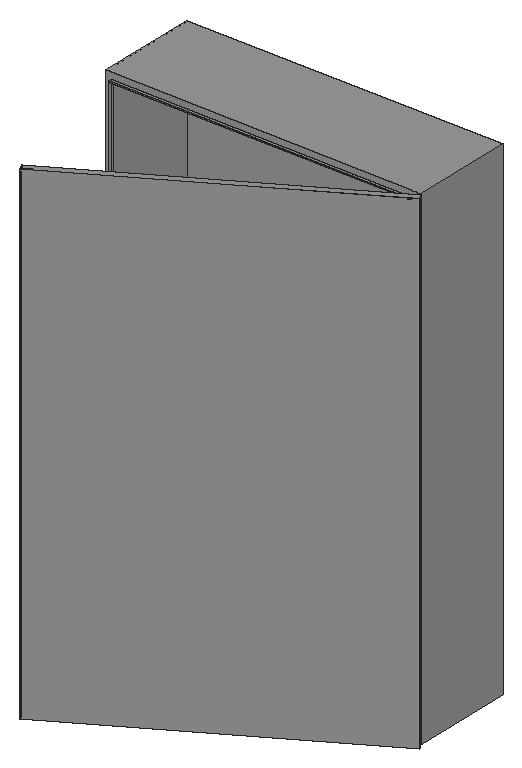
Revit family "Hager-Univers-IP55-D275-H1250-Cl.I-Steel_encl-NoHosted-PT-pt", category Electrical Equipment, Revit 2020
Family settings
  Panel Configuration = Two Columns, Circuits Across
  Round Connector Dimension = Use Diameter
  Part Type = Panelboard
  Work Plane-Based = Yes
  Always vertical = Yes
  Cut with Voids When Loaded = No
  Shared = No
  Room Calculation Point = No
Parameters (values of type "Montagem em superfície (gesso) IP55 L800 A1250 P275  - FR83E")
  Width Control [instance] = if([EF000008 - Largura] > Min Width, [EF000008 - Largura], Min Width)  # 800 mm
  Type Comments = [HG000003 - Gama]  # "Univers"
  Thickness Door [instance] = if([EF009171 - Espessura do material da porta/tampa] > 3 mm, 3 mm, [EF009171 - Espessura do material da porta/tampa])  # 1.5 mm
  Seal Frame Offset [instance] = 17 mm  # constant formula
  Plinth Visibility [instance] = [HG000027 - Altura da Plinta] > 0 mm  # no
  Min Width [instance] = 100 mm  # constant formula
  Min Depth [instance] = (2 * [EF009170 - Espessura do material do invólucro]) + 1 mm  # 4 mm
  Min Height [instance] = 100 mm  # constant formula
  Internal Frame Depth [instance] = (Door System Depth * 0.5)  # 9 mm
  Panel Name [instance] = ""  # (empty or 0)
  Model = ""
  HG000027 - Altura da Plinta = 0 mm
  HG000026 - Instalação no chão = no
  HG000024 - Altura da secção inferior = 600 mm
  HG000023 - Recinto de secção dupla = no
  HG000016 - Visibilidade da porta 3D [instance] = yes
  HG000015 - Visibilidade através da porta [instance] = no
  HG000014 - Porta à direita [instance] = yes
  HG000013 - Porta à esquerda [instance] = not([HG000014 - Porta à direita])  # no
  HG000012 - Ângulo de abertura de porta [instance] = 30.00°
  HG000010 - Portas assimétricas = no
  HG000009 - Porta dupla = no
  HG000006 - Encastrado = no
  HG000004 - Referência do Fabricante = "FR83E"
  HG000003 - Gama = "Univers"
  HG000002 - Com porta ou tampa = yes
  Frame Offset Bottom [instance] = 10 mm  # constant formula
  Frame Offset [instance] = 15 mm  # constant formula
  EF015940 - Tampa com libertação de sobrepressão = no
  EF011959 - Grau de proteção (NEMA) = ""
  EF009554 - Número de aberturas para placas de flange = 6
  EF009212 - Tipo de tampa = "EV000116 - Fechado"
  EF009171 - Espessura do material da porta/tampa = 1.5 mm
  EF009170 - Espessura do material do invólucro = 1.5 mm
  EF008873 - Corrente nominal (In) = 800 A
  EF007800 - Adequado para proteção contra raios = no
  EF006306 - Com fecho = no
  EF006244 - Tampa/porta transparente = no
  EF005474 - Grau de proteção (IP) = "EV006420 - IP55"
  EF004464 - Tipo de porta = "EV002646 - Único"
  EF004427 - Número de módulos = 288
  EF004293 - Força de impacto = "EV008784 - IK10"
  EF003532 - Adequado para uso no exterior = no
  EF002950 - Largura em número de módulos = 24
  EF001613 - Integridade do circuito = "EV000494 - Nenhum"
  EF001596 - Material do corpo = "EV000179 - Aço"
  EF001131 - Profundidade interior = 275 mm
  EF001088 - Extensão possível = yes
  EF000437 - Número de entradas de condutores = 6
  EF000339 - Tipo de difusor = "EV004216 - Porta"
  EF000266 - Número de linhas = 8
  EF000218 - Profundidade incorporada = 0 mm
  EF000118 - Com tampa de montagem = no
  EF000116 - Número RAL = "7035"
  EF000049 - Profundidade = 275 mm
  EF000040 - Altura = 1250 mm
  EF000008 - Largura = 800 mm
  EF000007 - Cor = "EV000270 - Cinzento"
  EF000003 - Método de montagem = "EV000384 - Montagem em superfície (gesso)"
  Door System Leaf Tolerance [instance] = 1.5 mm  # constant formula
  Door System Depth [instance] = 18 mm  # constant formula
  Door Height [instance] = Height Control - [HG000027 - Altura da Plinta]  # 1250 mm
  Description = ""
  Default Elevation = 1219.2 mm
  Connector Offset [instance] = Height Control / 2  # 625 mm
  Manufacturer = "Hager"  # constant formula
  Height Control [instance] = if([EF000040 - Altura] > Min Height, [EF000040 - Altura], Min Height)  # 1250 mm
  Depth Control [instance] = if([EF000049 - Profundidade] > Min Depth, [EF000049 - Profundidade], Min Depth)  # 275 mm
  Bottom Top Plate Trim [instance] = 1.5 mm  # constant formula
  Plinth height Ctrl [instance] = if([HG000027 - Altura da Plinta] > 0 mm, [HG000027 - Altura da Plinta], 12 mm)  # 12 mm
Types (3, lengths in mm): name | Width Control | HG000009 - Porta dupla | HG000004 - Referência do Fabricante | EF009554 - Número de aberturas para placas de flange | EF004464 - Tipo de porta | EF004427 - Número de módulos | EF000437 - Número de entradas de condutores | EF000008 - Largura
  Montagem em superfície (gesso) IP55 L1050 A1250 P275  - FR84E | 1050 | yes | "FR84E" | 8 | "EV003602 - Duplo" | 384 | 8 | 1050
  Montagem em superfície (gesso) IP55 L550 A1250 P275  - FR82E | 550 | no | "FR82E" | 4 | "EV002646 - Único" | 192 | 4 | 550
  Montagem em superfície (gesso) IP55 L800 A1250 P275  - FR83E | 800 | no | "FR83E" | 6 | "EV002646 - Único" | 288 | 6 | 800
Reference planes
  plane 1 "Center (Front/Back)": y = 0
  plane 2: z = 0
  plane 3 "Center (Left/Right)": x = 0
  plane 4: y = 0
  plane 5: y = 0
  plane 6: z = 0
  plane 7: x = -400
  plane 8: x = 400
  plane 9: x = 398.5
  plane 10: x = -398.5
  plane 11: z = 0
  plane 12: z = 1.5
  plane 13: y = -275
  plane 14: y = -1.5
  plane 15: x = 0
  plane 16: y = -257
  plane 17: y = -273.5
  plane 18: y = -255.5
  plane 19: x = -383.5
  plane 20: x = 383.5
  plane 21: z = 11.5
  plane 22: x = -383
  plane 23: x = 383
  plane 24: z = 0
  plane 25: z = 1250
  plane 26: z = 1250
  plane 27: z = 1233.5
  plane 28: z = 1248.5
Forms (mm)
  Extrusion 1, solid, material "Hager_Steel_RAL7035_Light_Grey", detail levels medium+fine
    sketch origin (-208.679, -4572, 0) x (-1, 0, 0) y (0, -1, 0)
      loop
        line (191.321, -4315) -> (-608.679, -4315) -> (-608.679, -4572) -> (191.321, -4572) -> (191.321, -4315)
    from 0 to 1250
  Extrusion 2, void
    sketch origin (-350.771, -275, 1219.2) x (1, 0, 0) y (0, 0, 1)
      loop
        line (-47.729, 29.3) -> (-47.729, -1217.7) -> (749.271, -1217.7) -> (749.271, 29.3) -> (-47.729, 29.3)
    from -19.5 to -273.5
  Extrusion 3, void
    sketch origin (-290.084, -257, 1219.2) x (1, 0, 0) y (0, 0, 1)
      loop
        line (-93.416, -1207.7) -> (673.584, -1207.7) -> (673.584, 14.3) -> (-93.416, 14.3) -> (-93.416, -1207.7)
    from 0 to -1.5
  Extrusion 4, solid, material "Hager_Steel_RAL7035_Light_Grey", visible <- "Plinth Visibility", detail levels medium+fine
    sketch origin (0, 0, 0) x (1, 0, 0) y (0, 1, 0)
      loop
        line (-400, 0) -> (-400, -257) -> (400, -257) -> (400, 0) -> (-400, 0)
    from 0 to 12 <- "Plinth height Ctrl"
  Extrusion 5, solid, material "Hager_Steel_RAL7035_Light_Grey", detail levels coarse
    sketch origin (0, 0, 0) x (1, 0, 0) y (0, 1, 0)
      loop
        line (-400, 0) -> (-400, -275) -> (400, -275) -> (400, 0) -> (-400, 0)
    from 0 to 1250 <- "Height Control"
  Sweep 6, void
    path in 3D
      loop
        line (-400, -257, 12) -> (400, -257, 12) -> (400, 0, 12) -> (-400, 0, 12) -> (-400, -257, 12)
    profile origin (-400, -128.5, 12) x (1, 0, 0) y (0, 0, 1)
      loop
        line (0, 0) -> (0, -1.5) -> (1.5, -1.5)
        arc (1.5, -1.5) -> (1.061, -0.439) -> (0, 0) r 1.5
  Extrusion 7, solid, material "Hager_Steel_RAL7035_Light_Grey", detail levels fine
    sketch origin (-400, -257, 0) x (1, 0, 0) y (0, 0, 1)
      loop
        line (16.5, 11.5) -> (783.5, 11.5) -> (783.5, 1233.5) -> (16.5, 1233.5) -> (16.5, 11.5)
      loop
        line (15, 10) -> (785, 10) -> (785, 1235) -> (15, 1235) -> (15, 10)
    from 0 to 9 <- "Internal Frame Depth"
Cuts and joins
  Extrusion 2, Extrusion 3 cuts Extrusion 1
  Sweep 6 cuts Extrusion 4
Lines and regions (mm)
  Masking region 1
    outline origin (0, 0, 0) x (1, 0, 0) y (0, 1, 0)
      loop
        line (-400, 0) -> (-400, -275) -> (400, -275) -> (400, 0) -> (-400, 0)
  Masking region 2, detail levels coarse
    outline origin (-290.084, -257, 1219.2) x (-1, 0, 0) y (0, 0, 1)
      loop
        line (-690.084, -1219.2) -> (109.916, -1219.2) -> (109.916, 30.8) -> (-690.084, 30.8) -> (-690.084, -1219.2)
  Masking region 3, detail levels coarse
    outline origin (0, 0, 0) x (0, 1, 0) y (0, 0, 1)
      loop
        line (0, 0) -> (0, 1250) -> (-275, 1250) -> (-275, 0) -> (0, 0)
  Masking region 4, visible <- "Plinth Visibility", detail levels medium+fine
    outline origin (0, 0, 0) x (0, 1, 0) y (0, 0, 1)
      loop
        line (-1.5, 12) -> (-255.5, 12)
        arc (-255.5, 12) -> (-255.939, 10.939) -> (-257, 10.5) r 1.5
        line (-257, 10.5) -> (-257, 0) -> (0, 0) -> (0, 10.5)
        arc (0, 10.5) -> (-1.061, 10.939) -> (-1.5, 12) r 1.5
  Masking region 5, detail levels medium+fine
    outline origin (0, 0, 594.038) x (0, 1, 0) y (0, 0, 1)
      loop
        line (0, -594.038) -> (0, 655.962) -> (-257, 655.962) -> (-257, -594.038) -> (0, -594.038)
  Masking region 6, detail levels medium+fine
    outline origin (-359.7, -257, 1211.883) x (-1, 0, 0) y (0, 0, 1)
      loop
        line (-759.7, -1211.883) -> (40.3, -1211.883) -> (40.3, 38.117) -> (-759.7, 38.117) -> (-759.7, -1211.883)
  Masking region 7, visible <- "Plinth Visibility", detail levels medium+fine
    outline origin (-320.334, -257, 1041.368) x (-1, 0, 0) y (0, 0, 1)
      loop
        line (-720.334, -1041.368) -> (79.666, -1041.368) -> (79.666, -1030.868)
        arc (79.666, -1030.868) -> (78.606, -1030.429) -> (78.166, -1029.368) r 1.5
        line (78.166, -1029.368) -> (-718.834, -1029.368)
        arc (-718.834, -1029.368) -> (-719.273, -1030.429) -> (-720.334, -1030.868) r 1.5
        line (-720.334, -1030.868) -> (-720.334, -1041.368)
  sketch lines
    curve 1: line (-400, 0, 12) -> (-400, -257, 12)
    curve 2: line (-400, -257, 12) -> (400, -257, 12)
    curve 3: line (400, 0, 12) -> (-400, 0, 12)
    curve 4: line (400, -257, 12) -> (400, 0, 12)
Dimensions and locks
  locked: plane 1 "Center (Front/Back)" to plane 5
  "EF009170 - Espessura do material do invólucro": plane 7 to plane 10
  "EF009170 - Espessura do material do invólucro": plane 8 to plane 9
  equal spacing: plane 7, plane 3 "Center (Left/Right)", plane 8
  "Width Control": plane 7 to plane 8
  "Depth Control": plane 4 to plane 13
  "EF009170 - Espessura do material do invólucro": plane 4 to plane 14
  "Height Control": plane 25 to level
  "HG000027 - Altura da Plinta": plane 11 to level
  "EF009170 - Espessura do material do invólucro": plane 12 to plane 11
  "EF009170 - Espessura do material do invólucro": plane 17 to plane 13
  "EF009170 - Espessura do material do invólucro": plane 18 to plane 16
  "Frame Offset Bottom": plane 21 to plane 12
  "Frame Offset": plane 10 to plane 19
  "Frame Offset": plane 9 to plane 20
  "Door System Depth": plane 16 to plane 13
  "Seal Frame Offset": plane 7 to plane 22
  "Seal Frame Offset": plane 8 to plane 23
  "EF009170 - Espessura do material do invólucro": plane 26 to plane 28
  "Frame Offset": plane 28 to plane 27
  "Connector Offset": plane 2 to connector elem
  "Bottom Top Plate Trim": profile plane to Sweep 6 sketch curve
  "Bottom Top Plate Trim": Sweep 6 sketch curve to Sweep 6 sketch curve
  "Plinth height Ctrl": Masking region 4 sketch curve to level
  "Plinth height Ctrl": Masking region 7 sketch curve to level
  "Thickness Door": Extrusion 7 sketch curve to Extrusion 7 sketch curve  (x4)
  "Bottom Top Plate Trim": radius of Sweep 6 sketch curve
  "Bottom Top Plate Trim": radius of Masking region 4 sketch curve  (x2)
  "Bottom Top Plate Trim": radius of Masking region 7 sketch curve  (x2)
  aligned and locked: Extrusion 2 sketch curve to plane 12
  aligned and locked: Extrusion 2 sketch curve to plane 9
  aligned and locked: Extrusion 2 sketch curve to plane 10
  aligned and locked: Extrusion 2 to plane 14
  aligned and locked: Extrusion 1 sketch curve to plane 4
  aligned and locked: plane 8 to Extrusion 1 sketch curve
  aligned and locked: plane 7 to Extrusion 1 sketch curve
  aligned and locked: Extrusion 2 to plane 18
  aligned and locked: Extrusion 3 sketch curve to plane 19
  aligned and locked: plane 20 to Extrusion 3 sketch curve
  aligned and locked: Extrusion 3 to Extrusion 2
  aligned and locked: Extrusion 3 sketch curve to plane 21
  aligned and locked: plane 3 "Center (Left/Right)" to nested 1
  aligned and locked: Extrusion 1 sketch curve to plane 16
  aligned and locked: Extrusion 4 sketch curve to cut or joined group of Extrusion 1, Extrusion 2, Extrusion 3
  aligned and locked: Masking region 1 sketch curve to plane 7
  aligned and locked: Masking region 1 sketch curve to plane 5
  aligned and locked: Masking region 1 sketch curve to plane 8
  aligned and locked: Masking region 2 sketch curve to level
  aligned and locked: level to Masking region 3 sketch curve
  aligned and locked: plane 1 "Center (Front/Back)" to Masking region 3 sketch curve
  aligned and locked: plane 13 to Masking region 3 sketch curve
  aligned and locked: plane 5 to Masking region 4 sketch curve
  aligned and locked: Masking region 2 sketch curve to plane 8
  aligned and locked: Masking region 2 sketch curve to plane 7
  aligned and locked: plane 7 to nested 2
  aligned and locked: nested 2 to plane 5
  aligned and locked: plane 5 to Masking region 5 sketch curve
  aligned and locked: plane 26 to Masking region 5 sketch curve
  aligned and locked: Extrusion 5 sketch curve to plane 8
  aligned and locked: Extrusion 5 sketch curve to plane 7
  aligned and locked: Extrusion 5 sketch curve to plane 5
  aligned and locked: Extrusion 3 sketch curve to plane 27
  aligned and locked: Extrusion 2 sketch curve to plane 28
  aligned and locked: Masking region 2 to plane 25
  aligned and locked: Extrusion 4 to plane 16
  aligned and locked: profile plane to Sweep 6 sketch curve
  aligned and locked: Masking region 5 sketch curve to plane 24
  aligned and locked: level to Masking region 4 sketch curve
  aligned and locked: Masking region 1 to plane 13
  aligned and locked: nested 1 to plane 16
  aligned and locked: Masking region 3 to plane 25
  aligned and locked: plane 16 to Masking region 4 sketch curve
  aligned and locked: Masking region 5 sketch curve to plane 16
  aligned and locked: plane 24 to plane 11
  aligned and locked: plane 26 to plane 25
  aligned and locked: plane 26 to cut or joined group of Extrusion 1, Extrusion 2, Extrusion 3
  aligned and locked: nested 1 to plane 24
  aligned and locked: Extrusion 1 to Extrusion 3
  aligned and locked: Masking region 6 sketch curve to plane 8
  aligned and locked: Masking region 6 sketch curve to plane 24
  aligned and locked: Masking region 6 sketch curve to plane 7
  aligned and locked: Masking region 6 sketch curve to plane 26
  aligned and locked: Masking region 7 sketch curve to plane 7
  aligned and locked: level to Masking region 7 sketch curve
  aligned and locked: Masking region 7 sketch curve to plane 8
  aligned and locked: Extrusion 7 sketch curve to cut or joined group of Extrusion 1, Extrusion 2, Extrusion 3  (x4)
Automatic sketch dimensions
  plane 19 to Extrusion 3 sketch curve = 0 mm
  Extrusion 3 sketch curve to plane 20 = 0 mm
  Extrusion 3 sketch curve to plane 21 = 0 mm
  Extrusion 4 sketch curve to plane 7 = 0 mm
  Extrusion 4 sketch curve to plane 8 = 0 mm
  Extrusion 4 sketch curve to plane 16 = 0 mm
  Masking region 1 sketch curve to plane 13 = 0 mm
  Masking region 2 sketch curve to plane 25 = 0 mm
  Masking region 3 sketch curve to plane 25 = 0 mm
  Extrusion 5 sketch curve to plane 13 = 0 mm
  profile plane to Sweep 6 sketch curve = 0 mm
Nested families
  nested 1: "EC000058_Univers_Door" at (0, -257, 0), Double <- "HG000009 - Porta dupla", Transparent <- "EF006244 - Tampa/porta transparente", Angle <- "HG000012 - Ângulo de abertura de porta", Door_Right <- "HG000014 - Porta à direita", Assymetrical <- "HG000010 - Portas assimétricas", Door <- "HG000002 - Com porta ou tampa", Width_Ctrl <- "Width Control", 3d_Door <- "HG000016 - Visibilidade da porta 3D", Clearance <- "HG000015 - Visibilidade através da porta", Door_Left <- "HG000013 - Porta à esquerda", Width <- "Width Control", Door_Depth <- "Door System Depth", Leaf_Tolerance <- "Door System Leaf Tolerance", Height <- "Door Height", Lock_Visibility <- "EF006306 - Com fecho", Thickness <- "Thickness Door", type "EC000058_Univers_Door", detail levels medium+fine
    with min_wh 4 mm, Width_Ctrl 800 mm, Width 800 mm, Transparent no, Thickness 1.5 mm, Seal_Material Hager_Rubber, Lock_Visibility no, Lock_Material Hager_Plastic_RAL9005_Jet_Black, Leaf_Width 800 mm, Leaf_Tolerance_External_Sides 0 mm, Leaf_Tolerance 1.5 mm, Leaf_Offset 0 mm, Leaf_Height 1247 mm, Leaf_2_Width 800 mm, Leaf_2_Offset 400 mm, Leaf_1_Width 800 mm, Leaf_1_Offset 400 mm, Height_Ctrl 1250 mm, Height 1250 mm, Glass_Material Hager_Glass, Double_Clearance_Ctrl no, Double no, Door_Right_Ctrl yes, Door_Right yes, Door_Material Hager_Steel_RAL7035_Light_Grey, Door_Left_Ctrl no, Door_Left no, Door_Depth 18 mm, Door yes, Clearance_Material Hager_Clearance, Clearance_Depth 800 mm, Clearance_Ctrl no, Clearance no, Assymetrical no, Angle 30.00°, 3d_Door yes
  nested 2: "Hager_Enclosure_Symbol" at (-400, 0, 0), Height <- "Depth Control", Width <- "Width Control", type "Hager_Enclosure_Symbol"
    with Width_Ctrl 800 mm, Width 800 mm, Height_Ctrl 275 mm, Height 275 mm, A_Width_Int 18.047 mm, A_Width 216.562 mm, A_Height_Ctrl 240.625 mm, A_Height 240.625 mm
Connectors
  electrical at (0, 0, 625)
    settings: on plane 1 "Center (Front/Back)", index 1, voltage 0 V, apparent load 0 VA, apparent load phase1 0 VA, apparent load phase2 0 VA, apparent load phase3 0 VA, power factor 1, load classification "Other", number of poles 1, system type 30, power factor state 1, is connector primary yes, connector utility no, sub classification motor no, connector description ""
Definition of nested family "EC000058_Univers_Door"
  Parameters (values of type "EC000058_Univers_Door")
    min_wh [instance] = (2 * Thickness) + 1 mm  # 11 mm
    Width_Ctrl [instance] = 400 mm
    Width [instance] = 500 mm
    Transparent [instance] = yes
    Thickness [instance] = 5 mm
    Seal_Material [instance] = none
    Lock_Visibility [instance] = yes
    Lock_Material [instance] = none
    Leaf_Width [instance] = if((Width_Ctrl - 2 * Leaf_Tolerance_External_Sides) > 0 mm, (Width_Ctrl - 2 * Leaf_Tolerance_External_Sides), min_wh)  # 400 mm
    Leaf_Tolerance_External_Sides [instance] = 0 mm  # constant formula
    Leaf_Tolerance [instance] = 1.5 mm
    Leaf_Offset [instance] = 0 mm  # constant formula
    Leaf_Height [instance] = if((Height_Ctrl - 2 * Leaf_Tolerance) > 0 mm, (Height_Ctrl - 2 * Leaf_Tolerance), min_wh)  # 497 mm
    Leaf_2_Width [instance] = if(and(and(Double, Assymetrical), Door_Left), (Leaf_Width / 3) - (Leaf_Tolerance / 2), if(and(and(Double, Assymetrical), Door_Right), (Leaf_Width / 3) * 2 - (Leaf_Tolerance / 2), if(and(Double, not(Assymetrical)), (Leaf_Width / 2) - Leaf_Tolerance, Leaf_Width)))  # 400 mm
    Leaf_2_Offset [instance] = if(and(Double, Assymetrical), Leaf_2_Width / 2, if(and(Double, not(Assymetrical)), Leaf_Width / 4, Leaf_Width / 2))  # 200 mm
    Leaf_1_Width [instance] = if(and(and(Double, Assymetrical), Door_Right), (Leaf_Width / 3) - (Leaf_Tolerance / 2), if(and(and(Double, Assymetrical), Door_Left), (Width / 3) * 2 - (Leaf_Tolerance / 2), if(and(Double, not(Assymetrical)), (Leaf_Width / 2) - Leaf_Tolerance, Leaf_Width)))  # 400 mm
    Leaf_1_Offset [instance] = if(and(Double, Assymetrical), Leaf_1_Width / 2, if(and(Double, not(Assymetrical)), Leaf_Width / 4, Leaf_Width / 2))  # 200 mm
    Height_Ctrl [instance] = if(Height > min_wh, Height, min_wh)  # 500 mm
    Height [instance] = 500 mm
    Glass_Material [instance] = none
    Double_Clearance_Ctrl [instance] = and(Double, Clearance)  # no
    Double [instance] = no
    Door_Right_Ctrl [instance] = and(or(Door_Right, Double), Door)  # yes
    Door_Right [instance] = yes
    Door_Material [instance] = none
    Door_Left_Ctrl [instance] = and(or(Door_Left, Double), Door)  # no
    Door_Left [instance] = no
    Door_Depth [instance] = 30 mm
    Door [instance] = yes
    Default Elevation = 1219.2 mm
    Clearance_Material [instance] = none
    Clearance_Depth [instance] = if(Leaf_1_Width > Leaf_2_Width, Leaf_1_Width, Leaf_2_Width)  # 400 mm
    Clearance_Ctrl [instance] = and(not(Double), Clearance)  # yes
    Clearance [instance] = yes
    Assymetrical [instance] = yes
    Angle [instance] = 30.00°
    3d_Door [instance] = yes
  Reference planes
    plane 1 "Center (Front/Back)": y = 0
    plane 2 "Bottom": z = 0
    plane 3 "Center (Left/Right)": x = 0
    plane 4: z = 500
    plane 5: x = -200
    plane 6: x = 200
    plane 7: z = 500
    plane 8: x = -200
    plane 9: z = 0
    plane 10: x = 200
    plane 11: y = 0
    plane 12: z = 1.5
    plane 13: x = -600
    plane 14: y = -400
    plane 15: x = 600
    plane 16: x = 0
    plane 17: x = 0
    plane 18: x = -200
    plane 19: x = 200
    plane 20: z = 498.5
  Forms (mm)
    Extrusion 1, solid, material <- "Clearance_Material", visible <- "Double_Clearance_Ctrl"
      sketch origin (1200, 0, 0) x (1, 0, 0) y (0, 0, -1)
        loop
          line (-1800, -498.5) -> (-600, -498.5) -> (-600, 0) -> (-1800, 0) -> (-1800, -498.5)
      from 0 to -400
  Dimensions and locks
    equal spacing: plane 5, plane 3 "Center (Left/Right)", plane 6
    "Width_Ctrl": plane 5 to plane 6
    "Leaf_Offset": plane 5 to plane 8
    "Leaf_Offset": plane 6 to plane 10
    "Leaf_Offset": plane 9 to level
    "Leaf_Offset": plane 4 to plane 7
    "Height_Ctrl": plane 4 to level
    "Leaf_Tolerance": plane 12 to plane 9
    locked: plane 11 to plane 1 "Center (Front/Back)"
    "Leaf_1_Offset": plane 18 to plane 16
    "Leaf_2_Offset": plane 17 to plane 19
    "Leaf_1_Width": plane 13 to plane 8
    "Leaf_2_Width": plane 10 to plane 15
    "Clearance_Depth": plane 14 to plane 1 "Center (Front/Back)"
    "Leaf_Tolerance_External_Sides": plane 8 to plane 18
    "Leaf_Tolerance_External_Sides": plane 19 to plane 10
    "Leaf_Tolerance": plane 7 to plane 20
    aligned and locked: level to plane 2 "Bottom"
    aligned and locked: nested 1 to plane 16
    aligned and locked: nested 2 to plane 17
    aligned and locked: Extrusion 1 to plane 13
    aligned and locked: plane 15 to Extrusion 1
    aligned and locked: Extrusion 1 to plane 14
    aligned and locked: plane 12 to nested 1
    aligned and locked: nested 2 to plane 12
    aligned and locked: Extrusion 1 to plane 11
    aligned and locked: plane 20 to Extrusion 1
    aligned and locked: nested 2 to plane 11
    aligned and locked: nested 1 to plane 11
  Automatic sketch dimensions
    Extrusion 1 sketch curve to level = 0 mm
    plane 5 to Extrusion 1 sketch curve = 400 mm
    plane 6 to Extrusion 1 sketch curve = 400 mm
    Extrusion 1 sketch curve to plane 4 = 1.5 mm
  Nested families
    nested 1: "EC000058_Univers_Door_Leaf" at (0, 0, 1.5), Width <- "Leaf_1_Width", visible <- "Door_Left_Ctrl", Leaf_Height <- "Leaf_Height", Angle <- "Angle", 3d_Door <- "3d_Door", Transparent <- "Transparent", Clearance Material <- "Clearance_Material", Clearance <- "Clearance_Ctrl", Door_Material <- "Door_Material", Glass_Material <- "Glass_Material", Door_Depth <- "Door_Depth", Lock_Material <- "Lock_Material", Seal_Material <- "Seal_Material", Lock_Visibility <- "Lock_Visibility", Thickness <- "Thickness", type "EC000058_Univers_Door_Leaf"
      with Width 400 mm, Transparent_Glass_Offset 30 mm, Transparent_Ctrl yes, Transparent yes, Thickness 5 mm, Standard no, Seal_Material none, Seal_D2 8 mm, Seal_D1 1 mm, Offset_Internal_Frame 10 mm, Lock_Width 20 mm, Lock_Visibility_3d yes, Lock_Visibility yes, Lock_Thickness_3 3 mm, Lock_Thickness_2 1 mm, Lock_Thickness_1 3 mm, Lock_Radius_Offset_2 16 mm, Lock_Radius_Offset_1 15 mm, Lock_Radius_2 5 mm, Lock_Radius 6 mm, Lock_Offset 5 mm, Lock_Material none, Lock_Height 80 mm, Lock_Cover_Top_Offset_2d 17 mm, Lock_Cover_Height -65 mm, Leaf_Height 497 mm, Internal_Seal_Thickness 8 mm, Internal_Seal_Depth_2 4.5 mm, Internal_Frame_Depth 25 mm, Glass_Thickness -1 mm, Glass_Offset -2 mm, Glass_Material none, Door_Material none, Door_Depth 30 mm, Clearance Material none, Clearance yes, Angle_Ctrl 30.00°, Angle 30.00°, 3d_Door yes
    nested 2: "EC000058_Univers_Door_Leaf" at (0, 0, 1.5) x (-1, 0, 0) z (0, 0, 1), Width <- "Leaf_2_Width", visible <- "Door_Right_Ctrl", Leaf_Height <- "Leaf_Height", Angle <- "Angle", 3d_Door <- "3d_Door", Transparent <- "Transparent", Clearance Material <- "Clearance_Material", Clearance <- "Clearance_Ctrl", Door_Material <- "Door_Material", Glass_Material <- "Glass_Material", Door_Depth <- "Door_Depth", Lock_Material <- "Lock_Material", Seal_Material <- "Seal_Material", Lock_Visibility <- "Lock_Visibility", Thickness <- "Thickness", type "EC000058_Univers_Door_Leaf"
      with Width 400 mm, Transparent_Glass_Offset 30 mm, Transparent_Ctrl yes, Transparent yes, Thickness 5 mm, Standard no, Seal_Material none, Seal_D2 8 mm, Seal_D1 1 mm, Offset_Internal_Frame 10 mm, Lock_Width 20 mm, Lock_Visibility_3d yes, Lock_Visibility yes, Lock_Thickness_3 3 mm, Lock_Thickness_2 1 mm, Lock_Thickness_1 3 mm, Lock_Radius_Offset_2 16 mm, Lock_Radius_Offset_1 15 mm, Lock_Radius_2 5 mm, Lock_Radius 6 mm, Lock_Offset 5 mm, Lock_Material none, Lock_Height 80 mm, Lock_Cover_Top_Offset_2d 17 mm, Lock_Cover_Height -65 mm, Leaf_Height 497 mm, Internal_Seal_Thickness 8 mm, Internal_Seal_Depth_2 4.5 mm, Internal_Frame_Depth 25 mm, Glass_Thickness -1 mm, Glass_Offset -2 mm, Glass_Material none, Door_Material none, Door_Depth 30 mm, Clearance Material none, Clearance yes, Angle_Ctrl 30.00°, Angle 30.00°, 3d_Door yes
  Definition of nested family "EC000058_Univers_Door_Leaf"
    Parameters (values of type "EC000058_Univers_Door_Leaf")
      Width [instance] = 2000 mm
      Transparent_Glass_Offset [instance] = 30 mm
      Transparent_Ctrl [instance] = and(Transparent, [3d_Door])  # yes
      Transparent [instance] = yes
      Thickness [instance] = 5 mm
      Standard [instance] = and(not(Transparent), [3d_Door])  # no
      Seal_Material [instance] = none
      Seal_D2 [instance] = 8 mm  # constant formula
      Seal_D1 [instance] = 1 mm  # constant formula
      Offset_Internal_Frame [instance] = 10 mm  # constant formula
      Lock_Width [instance] = 20 mm  # constant formula
      Lock_Visibility_3d [instance] = and(Lock_Visibility, [3d_Door])  # yes
      Lock_Visibility [instance] = yes
      Lock_Thickness_3 [instance] = 3 mm  # constant formula
      Lock_Thickness_2 [instance] = 1 mm  # constant formula
      Lock_Thickness_1 [instance] = 3 mm  # constant formula
      Lock_Radius_Offset_2 [instance] = Lock_Radius_Offset_1 + 1 mm  # 16 mm
      Lock_Radius_Offset_1 [instance] = 15 mm  # constant formula
      Lock_Radius_2 [instance] = Lock_Radius - 1 mm  # 5 mm
      Lock_Radius [instance] = 6 mm  # constant formula
      Lock_Offset [instance] = 5 mm  # constant formula
      Lock_Material [instance] = none
      Lock_Height [instance] = 80 mm  # constant formula
      Lock_Cover_Top_Offset_2d [instance] = Lock_Radius_Offset_2 + 1 mm  # 17 mm
      Lock_Cover_Height [instance] = -(Lock_Height - Lock_Radius_Offset_1)  # -65 mm
      Leaf_Height [instance] = 2720.336 mm
      Internal_Seal_Thickness [instance] = 8 mm  # constant formula
      Internal_Seal_Depth_2 [instance] = 4.5 mm  # constant formula
      Internal_Frame_Depth [instance] = if(Door_Depth - Thickness > 5 mm, Door_Depth - Thickness, 5 mm)  # 25 mm
      Glass_Thickness [instance] = if(Thickness > 15 mm, Glass_Offset + 10 mm, -1 mm)  # -1 mm
      Glass_Offset [instance] = if(Thickness > 15 mm, -(Thickness + 10 mm) / 2, -2 mm)  # -2 mm
      Glass_Material [instance] = none
      Door_Material [instance] = none
      Door_Depth [instance] = 30 mm
      Default Elevation = 0 mm
      Clearance Material [instance] = none
      Clearance [instance] = yes
      Angle_Ctrl [instance] = if(Angle > 180.00°, 180.00°, Angle)  # 90.00°
      Angle [instance] = 90.00°
      3d_Door [instance] = yes
    Reference planes
      plane 1 "Center (Front/Back)": y = 0
      plane 2: z = 0
      plane 3 "Center (Left/Right)": x = 0
      plane 4: y = 2000
      plane 5: x = -1000
      plane 6: x = 1000
      plane 7: x = -3000
      plane 8: z = 2720.336
      plane 9: z = 30
      plane 10: z = 2690.336
      plane 11: x = 970
      plane 12: x = -970
      plane 13: y = -3
      plane 14: z = 107.833
      plane 15: y = -5
      plane 16: y = -223.314
      plane 17: x = -1000
      plane 18: z = 1360.168
      plane 19: y = 30
    Forms (mm)
      Extrusion 1, solid, material <- "Clearance Material", visible <- "Clearance"
        sketch origin (0, 0, 0) x (1, 0, 0) y (0, 0, 1)
          loop
            line (-3000, 2720.336) -> (-3000, 0) -> (1000, 0) -> (1000, 2720.336) -> (-3000, 2720.336)
        from 0 to -2000
      Extrusion 2, solid, material <- "Door_Material", visible <- "Standard", detail levels medium+fine
        sketch origin (-1000, 0, 0) x (0, 1, 0) y (-1, 0, 0)
          loop
            line (0, 30) -> (0, 25) -> (2000, 25) -> (2000, 30) -> (0, 30)
        from 0 to 2720.336 <- "Leaf_Height"
      Extrusion 3, solid, material <- "Door_Material", visible <- "Transparent_Ctrl", detail levels medium+fine
        sketch origin (-1000, 0, 0) x (0, 1, 0) y (-1, 0, 0)
          loop
            line (0, 25) -> (2000, 25) -> (2000, 30) -> (0, 30) -> (0, 25)
        from 0 to 2720.336 <- "Leaf_Height"
      Extrusion 4, void
        sketch origin (-1025, 2000, 0) x (0, 1, 0) y (0, 0, -1)
          loop
            line (-30, -2690.336) -> (-30, -30) -> (-1970, -30) -> (-1970, -2690.336) -> (-30, -2690.336)
        from 0 to 5 <- "Thickness"
      Sweep 5, solid, material <- "Seal_Material", visible <- "Transparent_Ctrl", detail levels fine
        path in 3D
          loop
            line (-1025, 30, 30) -> (-1025, 30, 2690.336) -> (-1025, 1970, 2690.336) -> (-1025, 1970, 30) -> (-1025, 30, 30)
        profile origin (-1025, 1000, 30) x (1, 0, 0) y (0, 0, 1)
          loop
            line (0, 0) -> (0, -8) -> (1, -8) -> (1, 0) -> (0, 0)
      Extrusion 6, solid, material <- "Glass_Material", visible <- "Transparent_Ctrl", detail levels medium+fine
        sketch origin (-1030, 0, 0) x (0, 1, 0) y (0, 0, -1)
          loop
            line (1970, -2690.336) -> (1970, -30) -> (30, -30) -> (30, -2690.336) -> (1970, -2690.336)
        from -2 <- "Glass_Offset" to -1 <- "Glass_Thickness"
      Extrusion 7, solid, material <- "Door_Material", visible <- "3d_Door", detail levels medium+fine
        sketch origin (-1025, 2000, 0) x (0, -1, 0) y (0, 0, -1)
          loop
            line (0, -2720.336) -> (2000, -2720.336) -> (2000, 0) -> (0, 0) -> (0, -2720.336)
          loop
            line (1995, -5) -> (5, -5) -> (5, -2715.336) -> (1995, -2715.336) -> (1995, -5)
        from 0 to 25 <- "Internal_Frame_Depth"
      Sweep 8, solid, material <- "Seal_Material", visible <- "Transparent_Ctrl", detail levels fine
        path in 3D
          loop
            line (-1025, 0, 0) -> (-1025, 2000, 0) -> (-1025, 2000, 2720.336) -> (-1025, 0, 2720.336) -> (-1025, 0, 0)
        profile origin (-1025, 0, 1360.168) x (1, 0, 0) y (0, 1, 0)
          loop
            line (0, 10) -> (2.975, 10)
            arc (2.975, 10) -> (4.053, 10.447) -> (4.5, 11.525) r 1.525
            line (4.5, 11.525) -> (4.5, 16.527)
            arc (4.5, 16.527) -> (4.069, 17.569) -> (3.027, 18) r 1.473
            line (3.027, 18) -> (0, 18) -> (0, 10)
      Extrusion 9, solid, material <- "Lock_Material", visible <- "Lock_Visibility_3d", detail levels fine
        sketch origin (-1030, 0, 0) x (0, 1, 0) y (0, 0, -1)
          loop
            arc (1993.5, -1400.168) -> (1994.561, -1399.729) -> (1995, -1398.668) r 1.5
            line (1995, -1398.668) -> (1995, -1320.168) -> (1975, -1320.168) -> (1975, -1398.668)
            arc (1975, -1398.668) -> (1975.439, -1399.729) -> (1976.5, -1400.168) r 1.5
            line (1976.5, -1400.168) -> (1993.5, -1400.168)
        from 3 <- "Lock_Thickness_1" to 0
      Blend 10, solid, material <- "Lock_Material", visible <- "Lock_Visibility_3d", detail levels fine
        base sketch origin (-1033, 0, 0) x (0, 1, 0) y (0, 0, -1)
          loop
            line (1975, -1320.168) -> (1975, -1398.668)
            arc (1975, -1398.668) -> (1975.439, -1399.729) -> (1976.5, -1400.168) r 1.5
            line (1976.5, -1400.168) -> (1993.5, -1400.168)
            arc (1993.5, -1400.168) -> (1994.561, -1399.729) -> (1995, -1398.668) r 1.5
            line (1995, -1398.668) -> (1995, -1320.168) -> (1975, -1320.168)
        top sketch origin (-1033, 0, 0) x (0, 1, 0) y (0, 0, -1)
          loop
            line (1976, -1320.168) -> (1976, -1398.668)
            arc (1976, -1398.668) -> (1976.146, -1399.022) -> (1976.5, -1399.168) r 0.5
            line (1976.5, -1399.168) -> (1993.5, -1399.168)
            arc (1993.5, -1399.168) -> (1993.854, -1399.022) -> (1994, -1398.668) r 0.5
            line (1994, -1398.668) -> (1994, -1320.168) -> (1976, -1320.168)
        from 0 to 1 <- "Lock_Thickness_2"
      Blend 11, solid, material <- "Lock_Material", visible <- "Lock_Visibility_3d", detail levels fine
        base sketch origin (-1034, 0, 0) x (0, 1, 0) y (0, 0, -1)
          loop
            line (1978, -1320.168) -> (1978, -1384.168)
            arc (1978, -1384.168) -> (1985, -1391.168) -> (1992, -1384.168) r 7
            line (1992, -1384.168) -> (1992, -1320.168) -> (1978, -1320.168)
        top sketch origin (-1034, 0, 0) x (0, 1, 0) y (0, 0, -1)
          loop
            line (1991, -1320.168) -> (1979, -1320.168) -> (1979, -1383.168)
            arc (1979, -1383.168) -> (1985, -1389.168) -> (1991, -1383.168) r 6
            line (1991, -1383.168) -> (1991, -1320.168)
        from 0 to 3 <- "Lock_Thickness_3"
      Extrusion 12, solid, material <- "Lock_Material", visible <- "Lock_Visibility_3d", detail levels fine
        sketch origin (-1030, 1975, 1320.168) x (1, 0, 0) y (0, -1, 0)
          loop
            line (-7, -19) -> (-7, -1) -> (0, -1) -> (0, 0) -> (-8, 0) -> (-8, -20) -> (0, -20) -> (0, -19) -> (-7, -19)
        from 0 to -65 <- "Lock_Cover_Height"
      Extrusion 13, void
        sketch origin (-1038, 1995, 1320.168) x (-1, 0, 0) y (0, 0, -1)
          loop
            line (-5, -65) -> (0, -65) -> (-5, -60) -> (-5, -65)
        from 0 to 20 <- "Lock_Width"
      Extrusion 14, void
        sketch origin (-1038, 1975, 1320.168) x (0, -1, 0) y (0, 0, -1)
          loop
            circle (-10, -15.995) r 6
          loop
            circle (-10, -15.995) r 5
        from 0 to 2
      Extrusion 15, solid, material <- "Lock_Material", visible <- "Lock_Visibility_3d", detail levels medium
        sketch origin (-1030, 0, 0) x (0, 1, 0) y (0, 0, -1)
          loop
            arc (1993.5, -1400.168) -> (1994.561, -1399.729) -> (1995, -1398.668) r 1.5
            line (1995, -1398.668) -> (1995, -1320.168) -> (1975, -1320.168) -> (1975, -1398.668)
            arc (1975, -1398.668) -> (1975.439, -1399.729) -> (1976.5, -1400.168) r 1.5
            line (1976.5, -1400.168) -> (1993.5, -1400.168)
        from 8 to 0
    Cuts and joins
      Extrusion 4 cuts Extrusion 3
      Extrusion 13, Extrusion 14 cuts Extrusion 9
      Extrusion 14 cuts Blend 11
      Extrusion 13, Extrusion 14 cuts Extrusion 12
      joined: Extrusion 9, Blend 10, Blend 11, Extrusion 12
      Extrusion 14 cuts Extrusion 15
    Lines and regions (mm)
      Masking region 1, visible <- "Lock_Visibility", detail levels fine
        outline origin (0, 0, 0) x (0, 1, 0) y (0, 0, 1)
          loop
            line (30, 1320.168) -> (33, 1320.168) -> (33, 1400.168) -> (30, 1400.168) -> (30, 1320.168)
      Masking region 2, visible <- "Lock_Visibility", detail levels fine
        outline origin (0, 3.143, 0) x (0, 1, 0) y (0, 0, 1)
          loop
            line (29.857, 1354.168) -> (30.857, 1354.168) -> (30.857, 1366.168) -> (29.857, 1366.168) -> (29.857, 1354.168)
      Masking region 3, detail levels medium+fine
        outline origin (0, 0, 0) x (0, 1, 0) y (0, 0, 1)
          loop
            line (0, 0) -> (30, 0) -> (30, 2720.336) -> (0, 2720.336) -> (0, 0)
      Masking region 4, detail levels medium+fine
        outline origin (0, 0, 0) x (1, 0, 0) y (0, 0, 1)
          loop
            line (-1000, 2720.336) -> (-1000, 0) -> (1000, 0) -> (1000, 2720.336) -> (-1000, 2720.336)
      Masking region 5, visible <- "Lock_Visibility", detail levels fine
        outline origin (-47.116, 0, 0) x (1, 0, 0) y (0, 0, 1)
          loop
            arc (1024.616, 1399.168) -> (1023.556, 1398.729) -> (1023.116, 1397.668) r 1.5
            line (1023.116, 1397.668) -> (1023.116, 1320.168) -> (1041.116, 1320.168) -> (1041.116, 1397.668)
            arc (1041.116, 1397.668) -> (1040.677, 1398.729) -> (1039.616, 1399.168) r 1.5
            line (1039.616, 1399.168) -> (1024.616, 1399.168)
      Masking region 6, visible <- "Lock_Visibility", detail levels medium+fine
        outline origin (-25, 0, 0) x (1, 0, 0) y (0, 0, 1)
          loop
            arc (1001.5, 1400.168) -> (1000.439, 1399.729) -> (1000, 1398.668) r 1.5
            line (1000, 1398.668) -> (1000, 1320.168) -> (1020, 1320.168) -> (1020, 1398.668)
            arc (1020, 1398.668) -> (1019.561, 1399.729) -> (1018.5, 1400.168) r 1.5
            line (1018.5, 1400.168) -> (1001.5, 1400.168)
      Masking region 7, visible <- "Lock_Visibility", detail levels fine
        outline origin (-73.735, 0, 0) x (1, 0, 0) y (0, 0, 1)
          loop
            line (1051.735, 1382.168) -> (1065.735, 1382.168) -> (1065.735, 1384.168)
            arc (1065.735, 1384.168) -> (1058.735, 1391.168) -> (1051.735, 1384.168) r 7
            line (1051.735, 1384.168) -> (1051.735, 1382.168)
      Masking region 8, visible <- "Lock_Visibility", detail levels fine
        outline origin (-73.735, 0, 0) x (1, 0, 0) y (0, 0, 1)
          loop
            line (1052.735, 1382.168) -> (1064.735, 1382.168) -> (1064.735, 1383.168)
            arc (1064.735, 1383.168) -> (1058.735, 1389.168) -> (1052.735, 1383.168) r 6
            line (1052.735, 1383.168) -> (1052.735, 1382.168)
      Masking region 9, visible <- "Lock_Visibility", detail levels fine
        outline origin (-25, 0, 0) x (1, 0, 0) y (0, 0, 1)
          loop
            line (1020, 1320.168) -> (1020, 1382.168) -> (1000, 1382.168) -> (1000, 1320.168) -> (1020, 1320.168)
      Masking region 10, detail levels medium+fine
        outline origin (0, 0, 0) x (1, 0, 0) y (0, 0, 1)
          loop
            circle (985, 1335.144) r 6
      Masking region 11, detail levels fine
        outline origin (0, 0, 0) x (1, 0, 0) y (0, 0, 1)
          loop
            circle (985, 1335.144) r 5
      Masking region 12, visible <- "Lock_Visibility", detail levels fine
        outline origin (0, 12.767, 0) x (0, 1, 0) y (0, 0, 1)
          loop
            line (20.233, 1320.168) -> (21.233, 1320.168) -> (21.233, 1399.168) -> (20.233, 1400.168) -> (20.233, 1320.168)
      Masking region 13, visible <- "Lock_Visibility", detail levels fine
        outline origin (0, 13.767, -10) x (0, 1, 0) y (0, 0, 1)
          loop
            line (20.233, 1330.168) -> (23.233, 1330.168) -> (23.233, 1399.168) -> (20.233, 1402.168) -> (20.233, 1330.168)
      Masking region 14, visible <- "Lock_Visibility", detail levels fine
        outline origin (0, 12.767, -10) x (0, 1, 0) y (0, 0, 1)
          loop
            line (20.233, 1330.168) -> (25.233, 1330.168) -> (25.233, 1399.305) -> (20.233, 1394.305) -> (20.233, 1330.168)
      Masking region 15, visible <- "Lock_Visibility", detail levels medium
        outline origin (0, 0, 0) x (0, 1, 0) y (0, 0, 1)
          loop
            line (30, 1320.168) -> (38, 1320.168) -> (38, 1400.168) -> (30, 1400.168) -> (30, 1320.168)
      Masking region 16, visible <- "Lock_Visibility", detail levels fine
        outline origin (-1000, 0, 0) x (0, 1, 0) y (-1, 0, 0)
          loop
            line (1975, 30) -> (1995, 30) -> (1995, 38) -> (1975, 38) -> (1975, 30)
          loop
            line (1979, 37) -> (1976, 37) -> (1976, 34) -> (1978, 34) -> (1979, 37)
          loop
            line (1994, 37) -> (1991, 37) -> (1992, 34) -> (1994, 34) -> (1994, 37)
      Masking region 17, visible <- "Lock_Visibility", detail levels medium
        outline origin (-1000, 0, 0) x (0, 1, 0) y (-1, 0, 0)
          loop
            line (1975, 30) -> (1995, 30) -> (1995, 38) -> (1975, 38) -> (1975, 30)
      symbolic lines
        curve 1: line (1000, 0, 0) -> (-3000, 0, 0)
        curve 2: arc (1000, 0, 0) -> (-1000, 2000, 0) -> (-3000, 0, 0) r 2000
        curve 4: line (-1030, 0, 0) -> (-1030, 2000, 0)
      reference lines
        curve 3: line (-1000, 0, 0) -> (-1000, 2000, 0)
      symbolic lines, detail levels medium+fine
        curve 5: line (-1030, 2000, 0) -> (-1025, 2000, 0)
        curve 7: line (-1025, 0, 0) -> (-1030, 0, 0)
        curve 8: line (-1025, 0, 0) -> (-1000, 0, 0)
        curve 9: line (-1000, 0, 0) -> (-1000, 2000, 0)
        curve 10: line (-1000, 2000, 0) -> (-1025, 2000, 0)
      symbolic lines, detail levels fine
        curve 6: line (-1025, 2000, 0) -> (-1025, 0, 0)
      sketch lines
        curve 11: line (-1025, 0, 2720.336) -> (-1025, 0, 0)
        curve 12: line (-1025, 2000, 0) -> (-1025, 0, 0)
        curve 13: line (-1025, 2000, 2720.336) -> (-1025, 2000, 0)
        curve 14: line (-1025, 0, 2720.336) -> (-1025, 2000, 2720.336)
        curve 15: line (-1025, 1970, 30) -> (-1025, 30, 30)
        curve 16: line (-1025, 30, 30) -> (-1025, 30, 2690.336)
        curve 17: line (-1025, 1970, 2690.336) -> (-1025, 1970, 30)
        curve 18: line (-1025, 30, 2690.336) -> (-1025, 1970, 2690.336)
      symbolic lines, visible <- "Transparent", detail levels medium+fine
        curve 19: line (-970, 0, 2690.336) -> (970, 0, 2690.336)
        curve 20: line (-970, 0, 30) -> (-970, 0, 2690.336)
        curve 21: line (970, 0, 30) -> (-970, 0, 30)
        curve 22: line (970, 0, 2690.336) -> (970, 0, 30)
    Dimensions and locks
      "Width": plane 1 "Center (Front/Back)" to plane 4
      equal spacing: plane 5, plane 3 "Center (Left/Right)", plane 6
      "Width": plane 5 to plane 6
      "Width": plane 7 to plane 5
      "Leaf_Height": plane 8 to level
      "Width": curve 5 to curve 3
      "Width": curve 3 to curve 3
      plane 8 to plane 10 = 30 mm
      plane 9 to level = 30 mm
      plane 12 to plane 5 = 30 mm
      plane 6 to plane 11 = 30 mm
      Extrusion 1 to Extrusion 4 sketch curve = 30 mm
      "Transparent_Glass_Offset": curve 3 to Extrusion 4 sketch curve
      "Transparent_Glass_Offset": Extrusion 4 sketch curve to cut or joined group of Extrusion 3, Extrusion 4  (x2)
      cut or joined group of Extrusion 3, Extrusion 4 to Extrusion 6 sketch curve = 30 mm
      "Transparent_Glass_Offset": cut or joined group of Extrusion 3, Extrusion 4 to Extrusion 4 sketch curve
      "Thickness": curve 6 to curve 4
      "Thickness": Extrusion 7 sketch curve to Extrusion 7 sketch curve  (x4)
      "Door_Depth": curve 4 to curve 3
      "Offset_Internal_Frame": profile plane to Sweep 8 sketch curve
      "Internal_Seal_Thickness": Sweep 8 sketch curve to Sweep 8 sketch curve
      "Internal_Seal_Depth_2": profile plane to Sweep 8 sketch curve
      "Seal_D1": profile plane to Sweep 5 sketch curve
      "Seal_D2": profile plane to Sweep 5 sketch curve
      "Thickness": Extrusion 2 sketch curve to Extrusion 2 sketch curve
      equal spacing: Extrusion 9 sketch curve, plane 18, Extrusion 9 sketch curve  (x2)
      equal spacing: Masking region 1 sketch curve, plane 18, Masking region 1 sketch curve
      "Lock_Height": Masking region 1 sketch curve to Masking region 1 sketch curve
      "Lock_Radius": Masking region 2 sketch curve to plane 18 to Masking region 2 sketch curve
      Masking region 2 sketch curve to Masking region 1 = 1 mm
      "Door_Depth": plane 19 to plane 1 "Center (Front/Back)"
      "Lock_Thickness_1": Masking region 1 sketch curve to plane 19
      "Lock_Width": Extrusion 9 sketch curve to Extrusion 9 sketch curve
      "Lock_Height": Extrusion 9 sketch curve to Extrusion 9 sketch curve
      "Lock_Offset": cut or joined group of Extrusion 3, Extrusion 4 to Extrusion 9 sketch curve
      equal spacing: plane 8, plane 18, level
      "Lock_Radius_Offset_1": Blend 11 sketch curve to Blend 10
      locked: Blend 10 to Blend 11 sketch curve at 2  (x2)
      locked: var sketch to Blend 11 sketch curve at 1  (x2)
      "Lock_Radius_Offset_2": Blend 11 sketch curve to Blend 10
      locked: Extrusion 12 sketch curve to Extrusion 12 sketch curve at 1  (x3)
      Masking region 6 sketch curve to Masking region 6 sketch curve = 80 mm
      "Lock_Height": Masking region 6 sketch curve to Masking region 6 sketch curve
      "Lock_Width": Masking region 6 sketch curve to Masking region 6 sketch curve
      locked: Masking region 6 to Masking region 5 sketch curve at 1  (x3)
      locked: Masking region 5 to Masking region 7 sketch curve at 2  (x2)
      "Lock_Radius_Offset_1": Masking region 5 to Masking region 7 sketch curve
      "Lock_Radius_Offset_2": Masking region 5 to Masking region 8 sketch curve
      locked: Masking region 7 to Masking region 8 sketch curve at 1  (x2)
      "Lock_Cover_Top_Offset_2d": Masking region 5 to Masking region 9 sketch curve
      equal spacing: Masking region 9, Masking region 10 sketch curve, Masking region 9
      equal spacing: Masking region 9, Masking region 11 sketch curve, Masking region 9
      Extrusion 15 sketch curve to Extrusion 15 sketch curve = 80 mm
      "Lock_Width": Extrusion 15 sketch curve to Extrusion 15 sketch curve
      "Lock_Height": Extrusion 15 sketch curve to Extrusion 15 sketch curve
      equal spacing: Extrusion 15 sketch curve, plane 18, Extrusion 15 sketch curve
      "Lock_Thickness_3": Masking region 13 sketch curve to Masking region 13 sketch curve
      "Lock_Height": Masking region 12 sketch curve to Masking region 12 sketch curve
      locked: Masking region 13 sketch curve to Masking region 1 at 8
      locked: Masking region 14 sketch curve to Masking region 13 at 1
      locked: Masking region 14 sketch curve to Masking region 1 at 10.863
      "Lock_Height": Masking region 15 sketch curve to Masking region 15 sketch curve
      "Lock_Offset": Extrusion 15 sketch curve to cut or joined group of Extrusion 3, Extrusion 4
      "Lock_Offset": plane 6 to Masking region 6 sketch curve
      radius of Sweep 8 sketch curve = 1.525 mm
      radius of Sweep 8 sketch curve = 1.473 mm
      radius of Extrusion 9 sketch curve = 1.5 mm  (x2)
      "Lock_Radius": radius of Extrusion 14 sketch curve
      "Lock_Radius_2": radius of Extrusion 14 sketch curve
      "Lock_Radius": radius of Masking region 10 sketch curve
      "Lock_Radius_2": radius of Masking region 11 sketch curve
      radius of Extrusion 15 sketch curve = 1.5 mm  (x2)
      "Angle_Ctrl": angle plane 1 "Center (Front/Back)" to curve 3
      locked: Masking region 12 sketch curve to Masking region 12 sketch curve (angle 45.00°)
      locked: Masking region 13 sketch curve to Masking region 13 sketch curve (angle 45.00°)
      locked: Masking region 14 sketch curve to Masking region 14 sketch curve (angle 45.00°)
      aligned and locked: level to plane 2
      aligned and locked: Extrusion 1 to curve 1
      aligned and locked: plane 6 to Extrusion 1
      aligned and locked: Extrusion 1 to plane 1 "Center (Front/Back)"
      aligned and locked: plane 4 to Extrusion 1
      aligned and locked: plane 8 to Extrusion 1
      aligned and locked: curve 7 to Extrusion 2 sketch curve
      aligned and locked: curve 5 to Extrusion 2 sketch curve
      aligned and locked: curve 7 to Extrusion 3 sketch curve
      aligned and locked: Extrusion 3 sketch curve to curve 4
      aligned and locked: Extrusion 3 sketch curve to curve 6
      aligned and locked: Extrusion 3 sketch curve to curve 5
      aligned and locked: curve 9 to curve 3
      aligned and locked: Extrusion 7 sketch curve to cut or joined group of Extrusion 3, Extrusion 4  (x4)
      aligned and locked: plane 17 to curve 3
      aligned and locked: plane 1 "Center (Front/Back)" to curve 3
      aligned and locked: plane 17 to plane 5
      aligned and locked: Sweep 8 sketch curve to profile plane
      aligned and locked: Sweep 5 sketch curve to profile plane  (x2)
      aligned and locked: Masking region 1 to Masking region 2 sketch curve
      aligned and locked: plane 19 to Masking region 1 sketch curve
      aligned and locked: plane 1 "Center (Front/Back)" to Masking region 3 sketch curve
      aligned and locked: plane 19 to Masking region 3 sketch curve
      aligned and locked: level to Masking region 3 sketch curve
      aligned and locked: Masking region 3 sketch curve to plane 8
      aligned and locked: plane 17 to Masking region 4 sketch curve
      aligned and locked: level to Masking region 4 sketch curve
      aligned and locked: Masking region 4 sketch curve to plane 8
      aligned and locked: plane 12 to curve 20
      aligned and locked: plane 10 to curve 19
      aligned and locked: plane 11 to curve 22
      aligned and locked: curve 21 to plane 9
      aligned and locked: Extrusion 2 sketch curve to cut or joined group of Extrusion 3, Extrusion 4
      aligned and locked: Blend 10 sketch curve to Extrusion 9  (x4)
      aligned and locked: Extrusion 9 to Blend 10 sketch curve
      aligned and locked: Blend 10 to Blend 11 sketch curve
      aligned and locked: Extrusion 12 sketch curve to Blend 11
      aligned and locked: Extrusion 12 sketch curve to Extrusion 9  (x4)
      aligned and locked: Masking region 5 sketch curve to Masking region 6
      aligned and locked: Masking region 9 sketch curve to Masking region 6  (x3)
      aligned and locked: Masking region 12 sketch curve to Masking region 1
      aligned and locked: Masking region 13 sketch curve to Masking region 1
      aligned and locked: Masking region 12 to Masking region 14
      aligned and locked: Masking region 14 sketch curve to Masking region 1
      aligned and locked: Masking region 15 sketch curve to Masking region 14
      aligned and locked: Masking region 13 sketch curve to Masking region 12
      aligned and locked: Masking region 16 sketch curve to cut or joined group of Extrusion 14, Extrusion 15  (x4)
      aligned and locked: Masking region 16 sketch curve to cut or joined group of Extrusion 9, Blend 10, Blend 11, Extrusion 12, Extrusion 13, Extrusion 14  (x6)
      aligned and locked: cut or joined group of Extrusion 9, Blend 10, Blend 11, Extrusion 12, Extrusion 13, Extrusion 14 to Masking region 16 sketch curve
      aligned and locked: Masking region 17 sketch curve to cut or joined group of Extrusion 14, Extrusion 15  (x3)
      aligned and locked: Masking region 17 sketch curve to cut or joined group of Extrusion 9, Blend 10, Blend 11, Extrusion 12, Extrusion 13, Extrusion 14
      aligned and locked: Masking region 9 to Masking region 8 sketch curve
      aligned and locked: Masking region 9 to Masking region 7 sketch curve
    Automatic sketch dimensions
      plane 1 "Center (Front/Back)" to curve 2 = 0 mm
      curve 2 to plane 5 = 0 mm
      Extrusion 1 sketch curve to level = 0 mm
      Extrusion 1 sketch curve to plane 7 = 0 mm
      Extrusion 1 sketch curve to plane 6 = 0 mm
      Extrusion 1 sketch curve to plane 8 = 0 mm
      Extrusion 3 to Extrusion 6 sketch curve = 30 mm  (x4)
      Masking region 4 sketch curve to plane 6 = 0 mm
      Blend 10 sketch curve to Extrusion 9 = 1.5 mm
      Blend 10 sketch curve to Extrusion 9 = 1 mm
      Extrusion 13 sketch curve to Extrusion 12 = 0 mm  (x2)
      Extrusion 12 to Extrusion 13 sketch curve = 3 mm
      Extrusion 13 sketch curve to Extrusion 12 = 5 mm
      Extrusion 14 sketch curve to Extrusion 14 sketch curve = 0 mm  (x2)
      Extrusion 14 sketch curve to Extrusion 12 = 10 mm
      Extrusion 14 sketch curve to Extrusion 12 = 15.995 mm
      Masking region 5 sketch curve to Masking region 5 sketch curve = 1.5 mm  (x2)
      Masking region 10 sketch curve to plane 18 = 25.024 mm
      Masking region 11 sketch curve to plane 18 = 25.024 mm
      plane 19 to Masking region 14 sketch curve = 3 mm
      Masking region 16 sketch curve to Masking region 16 sketch curve = 3 mm
      curve 4 to curve 3 = 0 mm
      Blend 10 to Blend 11 sketch curve = 0 mm
      Masking region 6 sketch curve to Masking region 6 sketch curve = 1.5 mm  (x2)
      Masking region 6 sketch curve to plane 18 = 40 mm
      plane 19 to Masking region 12 sketch curve = 3 mm
      Masking region 12 sketch curve to Masking region 12 sketch curve = 1 mm
      Masking region 15 sketch curve to plane 19 = 0 mm
      Masking region 15 sketch curve to plane 18 = 40 mm
      radius of Blend 10 sketch curve to Extrusion 9 = 1 mm
Definition of nested family "Hager_Enclosure_Symbol"
  Parameters (values of type "Hager_Enclosure_Symbol")
    Width_Ctrl [instance] = if(Width > 1 mm, Width, 1 mm)  # 102.27 mm
    Width [instance] = 102.27 mm
    Height_Ctrl [instance] = if(Height > 1 mm, Height, 1 mm)  # 66.5 mm
    A_Width_Int [instance] = if(A_Width / 12 > 2 mm, A_Width / 12, 2 mm)  # 4.364 mm
    A_Width [instance] = if(A_Height_Ctrl * 0.9 > 2 mm, A_Height_Ctrl * 0.9, 2 mm)  # 52.369 mm
    A_Height_Ctrl [instance] = if(A_Height > 2 mm, A_Height, 2 mm)  # 58.188 mm
    Height [instance] = 66.5 mm
    A_Height [instance] = Height - (Height / 8)  # 58.188 mm
  Reference planes
    plane 1 "Centre (avant/arrière)": y = 0
    plane 2: z = 0
    plane 3 "Centre (gauche/droite)": x = 0
    plane 4: x = 52.369
    plane 5: y = 33.042
    plane 6: y = 41.77
    plane 7: y = 66.5
    plane 8: x = 26.184
    plane 9: y = 37.406
    plane 10: x = 102.27
    plane 11: y = 66.5
    plane 12: y = 8.313
  Lines and regions (mm)
    Filled region 1, type "Solid_Black", in view "Niveau de réf."
      outline origin (0, 0, 0) x (1, 0, 0) y (0, 1, 0)
        loop
          line (52.369, 66.5) -> (33.188, 54.536) -> (45.365, 45.006) -> (52.369, 66.5)
    Filled region 2, type "Solid_Black", in view "Niveau de réf."
      outline origin (0, 0, 0) x (1, 0, 0) y (0, 1, 0)
        loop
          line (0, 0) -> (102.27, 0) -> (102.27, 66.5) -> (0, 0)
    detail lines, in view "Niveau de réf."
      curve 1: line (0, 8.313, 0) -> (26.184, 41.77, 0)
      curve 2: line (26.184, 41.77, 0) -> (26.184, 33.042, 0)
      curve 3: line (26.184, 33.042, 0) -> (52.369, 66.5, 0)
  Dimensions and locks
    "A_Width": plane 3 "Centre (gauche/droite)" to plane 4
    equal spacing: plane 3 "Centre (gauche/droite)", plane 8, plane 4
    equal spacing: plane 6, plane 9, plane 5
    equal spacing: curve 3, Filled region 1 sketch curve, Filled region 1 sketch curve
    "Height_Ctrl": plane 1 "Centre (avant/arrière)" to plane 11
    "A_Height_Ctrl": plane 11 to plane 12
    equal spacing: plane 11, plane 9, plane 12
    "A_Width_Int": plane 6 to plane 9
    "Width_Ctrl": plane 3 "Centre (gauche/droite)" to plane 10
    angle Filled region 1 sketch curve to curve 3 = 20.00°
    angle curve 3 to Filled region 1 sketch curve = 20.00°
    locked: curve 3 to Filled region 1 sketch curve (angle 90.00°)
    aligned and locked: plane 10 to Filled region 2
    aligned and locked: plane 11 to Filled region 2 sketch curve
    aligned and locked: plane 10 to Filled region 2 sketch curve
    aligned and locked: plane 3 "Centre (gauche/droite)" to curve 1
    aligned and locked: plane 12 to curve 1
    aligned and locked: plane 7 to plane 11
  Automatic sketch dimensions
    Filled region 1 sketch curve to plane 4 = 0 mm
    Filled region 1 sketch curve to plane 7 = 0 mm
    plane 1 "Centre (avant/arrière)" to Filled region 2 sketch curve = 0 mm
    Filled region 2 sketch curve to plane 3 "Centre (gauche/droite)" = 0 mm
    curve 2 to plane 6 = 0 mm
    curve 2 to plane 8 = 0 mm
    curve 3 to plane 4 = 0 mm
    curve 2 to plane 5 = 0 mm
    curve 3 to plane 7 = 0 mm
